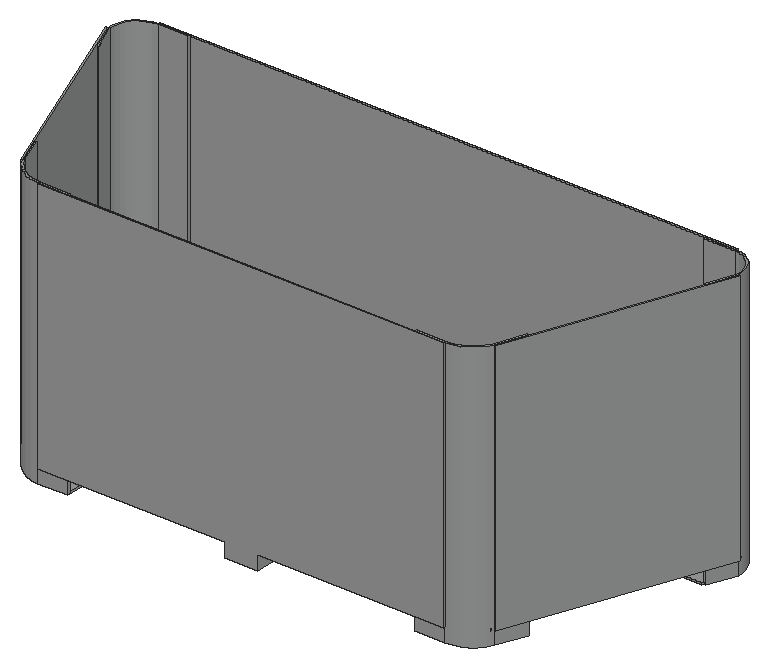
Revit family "1511-S", category Meble, Revit 2021
Family settings
  Numer OmniClass = 23.40.20.00
  Tytuł OmniClass = General Furniture and Specialties
  Oparty na płaszczyźnie roboczej = Nie
  Zawsze pionowo = Tak
  Tnij formami wycięć po wczytaniu = Nie
  Współdzielony = Nie
  Punkt obliczania pomieszczeń = Nie
Parameters (values of type "1511-S")
  metal = Mobilis Design RAL 9023
  Width = "44 cm"
  Weight = "45 kg"
  URL = ""
  Size = "150 L"
  Product line = "AQUILA"
  Product Groups = ""
  Manufacturer = ""
  Keynote = ""
  Description = ""
  Model = "1511-S"
  Material = ""
  Maintenance = ""
  Lenght = "106 cm"
  Type Comments = ""
  Mobilis Design Materials = ""
  Hosted on = ""
  Height = "45 cm"
  Domyślna rzędna = 0 mm
  Copyright = "All designs and drawings are the common intellectual property of Lars Laj A/S and Tress and are protected by Danish and international copyright laws."
Reference planes
  plane 1 "front": y = 0
  plane 2: z = 0
  plane 3 "Środek (Lewa/Prawa)": x = 0
  plane 4 "left": x = -247.535
  plane 5 "back": y = 400
  plane 6: x = 264.233
  plane 7: z = 301.491
Forms (mm)
  Extrusion 1, solid, material "Mobilis Design RAL 9023" <- "metal", not visible
    sketch origin (0, 0, 0) x (0, 1, 0) y (0, 0, 1)
      loop
        arc (71.187, 451.5) -> (57.045, 445.642) -> (51.187, 431.5) r 20
        line (51.187, 431.5) -> (51.187, 18.231)
        arc (51.187, 18.231) -> (56.527, 5.34) -> (69.418, 0) r 18.231
        line (69.418, 0) -> (153.638, 0) -> (153.638, 15) -> (448.638, 15) -> (448.638, 0) -> (527.023, 0)
        arc (527.023, 0) -> (542.307, 6.331) -> (548.638, 21.615) r 21.615
        line (548.638, 21.615) -> (548.638, 429.407)
        arc (548.638, 429.407) -> (542.168, 445.029) -> (526.545, 451.5) r 22.093
        line (526.545, 451.5) -> (71.187, 451.5)
    from 750.378 to 745
  Extrusion 2, solid, material "Mobilis Design RAL 9023" <- "metal", not visible
    sketch origin (0, 0, 0) x (0, 1, 0) y (0, 0, 1)
      loop
        line (548.638, 396.844) -> (629.375, 854.725) -> (601.836, 859.581)
        arc (601.836, 859.581) -> (585.224, 855.898) -> (576.082, 841.547) r 22.232
        line (576.082, 841.547) -> (507.306, 451.5) -> (526.545, 451.5)
        arc (526.545, 451.5) -> (542.168, 445.029) -> (548.638, 429.407) r 22.093
        line (548.638, 429.407) -> (548.638, 396.844)
    from 745 to 750.378
  Extrusion 3, solid, material "Mobilis Design RAL 9023" <- "metal"
    sketch origin (0, 0, 0) x (1, 0, 0) y (0, 1, 0)
      loop
        line (-482.308, 399.984) -> (-431.455, 399.883) -> (-431.455, 402.983) -> (-482.358, 402.984)
        arc (-482.358, 402.984) -> (-515.397, 387.439) -> (-527.195, 352.883) r 46.771
        line (-527.195, 352.883) -> (-509.112, 305.896) -> (-505.919, 305.896) -> (-524.234, 353.541)
        arc (-524.234, 353.541) -> (-513.075, 385.613) -> (-482.308, 399.984) r 43.652
      loop
        line (-391.774, 9.365) -> (-409.853, 56.34) -> (-413.068, 56.34) -> (-394.546, 8.213)
        arc (-394.546, 8.213) -> (-372.56, -17.482) -> (-340.133, -27.077) r 59.594
        line (-340.133, -27.077) -> (-290.133, -27.077) -> (-290.133, -24.077) -> (-340.133, -24.077)
        arc (-340.133, -24.077) -> (-370.895, -14.987) -> (-391.774, 9.365) r 56.594
      loop
        arc (482.308, 399.984) -> (513.075, 385.613) -> (524.234, 353.541) r 43.652
        line (524.234, 353.541) -> (505.919, 305.896) -> (509.112, 305.896) -> (527.195, 352.883)
        arc (527.195, 352.883) -> (515.397, 387.439) -> (482.358, 402.984) r 46.771
        line (482.358, 402.984) -> (431.455, 402.983) -> (431.455, 399.883) -> (482.308, 399.984)
      loop
        arc (391.774, 9.365) -> (370.895, -14.987) -> (340.133, -24.077) r 56.594
        line (340.133, -24.077) -> (290.133, -24.077) -> (290.133, -27.077) -> (340.133, -27.077)
        arc (340.133, -27.077) -> (372.56, -17.482) -> (394.546, 8.213) r 59.594
        line (394.546, 8.213) -> (413.068, 56.34) -> (409.853, 56.34) -> (391.774, 9.365)
    from 0 to 450
  Extrusion 4, solid, material "Mobilis Design RAL 9023" <- "metal"
    sketch origin (0, 0, 0) x (1, 0, 0) y (0, 1, 0)
      loop
        line (-394.546, 8.213) -> (-527.195, 352.883) -> (-529.995, 351.806) -> (-397.345, 7.135) -> (-394.546, 8.213)
      loop
        line (394.546, 8.213) -> (397.345, 7.135) -> (529.995, 351.806) -> (527.195, 352.883) -> (394.546, 8.213)
      loop
        line (-482.36, 402.984) -> (482.372, 402.984) -> (482.372, 405.883) -> (-482.36, 405.883) -> (-482.36, 402.984)
      loop
        line (-339.133, -27.077) -> (-339.133, -30.068) -> (340.438, -30.068) -> (340.438, -27.077) -> (-339.133, -27.077)
    from 23.5 to 450
  Extrusion 5, solid, material "Kobenhagen RAL 5012"
    sketch origin (0, 0, 0) x (1, 0, 0) y (0, 1, 0)
      loop
        arc (-491.434, 401.734) -> (-515.667, 384.474) -> (-527.242, 357.066) r 54.56
        line (-527.242, 357.066) -> (-390.047, 0.584)
        arc (-390.047, 0.584) -> (-368.516, -19.259) -> (-340.133, -26.452) r 59.594
        line (-340.133, -26.452) -> (340.133, -26.452)
        arc (340.133, -26.452) -> (369.909, -18.48) -> (391.718, 3.303) r 59.594
        line (391.718, 3.303) -> (527.312, 355.623)
        arc (527.312, 355.623) -> (516.161, 384.938) -> (489.673, 401.734) r 49.688
        line (489.673, 401.734) -> (-491.434, 401.734)
    from 23.5 to 27.496
  Extrusion 6, solid, material "Mobilis Design RAL 9023" <- "metal"
    sketch origin (0, 0, 0) x (1, 0, 0) y (0, 0, 1)
      loop
        line (-26.333, 23.5) -> (-26.333, 0) -> (28.667, 0) -> (28.667, 23.5) -> (-26.333, 23.5)
    from -405.883 to 30.068
  Extrusion 7, solid, material "Mobilis Design RAL 9023" <- "metal"
    sketch origin (0, 0, 0) x (1, 0, 0) y (0, 1, 0)
      loop
        line (-524.234, 353.541) -> (-505.091, 303.741) -> (-431.455, 303.741) -> (-431.455, 399.883) -> (-482.308, 399.984)
        arc (-482.308, 399.984) -> (-513.075, 385.613) -> (-524.234, 353.541) r 43.652
      loop
        arc (524.234, 353.541) -> (513.075, 385.613) -> (482.308, 399.984) r 43.652
        line (482.308, 399.984) -> (431.455, 399.883) -> (431.455, 303.741) -> (505.091, 303.741) -> (524.234, 353.541)
      loop
        arc (-391.774, 9.365) -> (-370.895, -14.987) -> (-340.133, -24.077) r 56.594
        line (-340.133, -24.077) -> (-290.133, -24.077) -> (-290.133, 55.901) -> (-409.684, 55.901) -> (-391.774, 9.365)
      loop
        line (391.774, 9.365) -> (409.684, 55.901) -> (290.133, 55.901) -> (290.133, -24.077) -> (340.133, -24.077)
        arc (340.133, -24.077) -> (370.895, -14.987) -> (391.774, 9.365) r 56.594
    from 0 to 3.212
Cuts and joins
  joined: Extrusion 4, Extrusion 6
Lines and regions (mm)
  model lines, style "9"
    curve 1: line (264.233, -399.489, 0) -> (264.233, -405.489, 0)
    curve 2: line (-304.767, -399.489, 0) -> (-304.767, -405.489, 0)
    curve 3: line (-281.767, -399.489, 0) -> (-281.767, -405.489, 0)
    curve 4: line (484.962, -22.733, 0) -> (484.962, 7.267, 0)
    curve 5: line (908.962, 7.267, 0) -> (908.962, -22.733, 0)
    curve 6: arc (478.388, 402.984, 0) -> (511.47, 387.478, 0) -> (523.223, 352.883, 0) r 46.637
    curve 7: line (428.472, 402.883, 0) -> (478.388, 402.984, 0)
    curve 8: line (523.223, 352.883, 0) -> (505.139, 305.896, 0)
Dimensions and locks
  aligned and locked: level to plane 2
  aligned and locked: Extrusion 4 to Extrusion 6
  aligned and locked: cut or joined group of Extrusion 4, Extrusion 6 to cut or joined group of Extrusion 4, Extrusion 6
